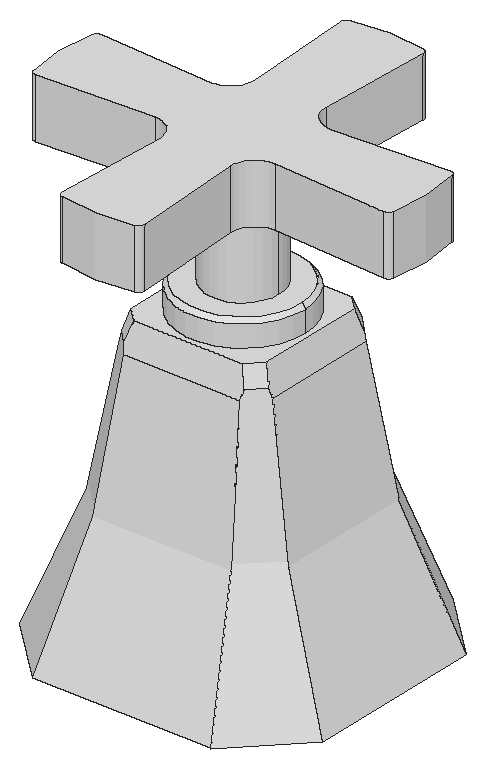
Revit family "Deca_Acabamento para registro de gaveta até ½''_Wish_4900.WSH.PQ", category Plumbing Fixtures, host Face, Revit 2020
Family settings
  Host = Face
  Round Connector Dimension = Use Diameter
  Part Type = Normal
  Cut with Voids When Loaded = No
  Shared = No
  Room Calculation Point = No
Parameters (values of type "4900.C.WSH.PQ_Cromado")
  Vazão na Pressão mín. (L/min) = ""
  Vazão na Pressão máx. (L/min) = ""
  URL = "www.deca.com.br"
  Tipo de rosca de saída = ""
  Tipo de rosca de entrada = "BSP NBR 8133"
  Tipo de mecanismo utilizado = "MVC -1/4 volta"
  Tipo de dispositivo economizador = "Não"
  Segmento = "Banheiro Luxo (D43)"
  Saída de Esgoto = ""
  Pressão mín. funcionamento = ""
  Pressão mín. Aquec. Passagem = ""
  Pressão mín. Aquec. Acúmulo = ""
  Pressão máx. funcionamento = ""
  Peso Líquido (Kg) = 0.227
  Norma = "Não Possui"
  Model = "4900.C.WSH.PQ"
  Material = Deca_Cromado
  Manufacturer = "DECA"
  Linha = "Deca Wish"
  Itens de Instalação = ""
  Informações Complementares = ""
  Default Elevation = 1.80 m
  Código Pai = "4900.WSH.PQ"
  Criado por = "quattroD"
  Cores Componente = ""
  Cor Secundária = "Branco"
  Cor Principal = "Cromado"
  Cor Interna = ""
  Consumo = "Não Possui"
  Composição Componente = ""
  Composição Básica = "Liga de Cobre (bronze e latão);Plásticos de Engenharia"
  Composição Assento = ""
  Composição Anel Vedação = ""
  Categoria = "Metais para banheiro"
  Atendimento ao Cliente = "0800-0117073"
  Aprovado por = "quattroD"
  Acompanha o Produto = ""
Types (2, lengths in m): name | Tipo de mecanismo utilizado | Tipo de dispositivo economizador | Model | Material | Cor Secundária | Cor Principal
  4900.C.WSH.PQ_Cromado | "MVC -1/4 volta" | "Não" | "4900.C.WSH.PQ" | Deca_Cromado | "Branco" | "Cromado"
  4900.GL.WSH.PQ.RD_Red Gold | "MVC - 1/2 volta" | "Sim" | "4900.GL.WSH.PQ.RD" | Deca_Red Gold | "" | "Red Gold"
Reference planes (m)
  plane 1 "Center (Front/Back)": y = 0
  plane 2: z = 0
  plane 3 "Center (Left/Right)": x = 0
  plane 4: y = 0.0255
  plane 5: y = -0.0255
  plane 6: x = -0.0255
  plane 7: x = 0.0255
  plane 8: z = 0.05
Forms (m)
  Blend 1, solid, material "Deca_Cromado" <- "Material"
    base sketch origin (0, 0, 0) x (1, 0, 0) y (0, 1, 0)
      loop
        line (-0.021713, 0.0255) -> (-0.0255, 0.021713) -> (-0.0255, -0.021713) -> (-0.021713, -0.0255) -> (0.021713, -0.0255) -> (0.0255, -0.021713) -> (0.0255, 0.021713) -> (0.021713, 0.0255) -> (-0.021713, 0.0255)
    top sketch origin (0, 0, 0) x (1, 0, 0) y (0, 1, 0)
      loop
        line (-0.0115, 0.009275) -> (-0.0115, -0.009275) -> (-0.009275, -0.0115) -> (0.009275, -0.0115) -> (0.0115, -0.009275) -> (0.0115, 0.009275) -> (0.009275, 0.0115) -> (-0.009275, 0.0115) -> (-0.0115, 0.009275)
    from 0 to 0.05
  Sweep 2, void
    path in 3D
      loop
        line (-0.0115, 0.009275, 0.05) -> (-0.009275, 0.0115, 0.05) -> (0.009275, 0.0115, 0.05) -> (0.0115, 0.009275, 0.05) -> (0.0115, -0.009275, 0.05) -> (0.009275, -0.0115, 0.05) -> (-0.009275, -0.0115, 0.05) -> (-0.0115, -0.009275, 0.05) -> (-0.0115, 0.009275, 0.05)
    profile origin (-0.0115, 0, 0.05) x (-1, 0, 0) y (0, 0, 1)
      loop
        line (0.014, -0.05) -> (0.020666, -0.05) -> (0.020666, -0.000938) -> (0.001054, -0.000938)
        arc (0.001054, -0.000938) -> (0.00511, -0.026107) -> (0.014, -0.05) r 0.13
  Extrusion 3, solid, material "Deca_Cromado" <- "Material"
    sketch origin (0, 0, 0) x (1, 0, 0) y (0, 1, 0)
      loop
        arc (0.006956, 0.02935) -> (0.006747, 0.030015) -> (0.006155, 0.030383) r 0.001
        arc (0.006155, 0.030383) -> (0, 0.031) -> (-0.006155, 0.030383) r 0.031
        arc (-0.006155, 0.030383) -> (-0.006747, 0.030015) -> (-0.006956, 0.02935) r 0.001
        line (-0.006956, 0.02935) -> (-0.005949, 0.010139)
        arc (-0.005949, 0.010139) -> (-0.007121, 0.007111) -> (-0.010153, 0.005949) r 0.004
        line (-0.010153, 0.005949) -> (-0.029381, 0.006957)
        arc (-0.029381, 0.006957) -> (-0.030027, 0.006738) -> (-0.030383, 0.006155) r 0.001
        arc (-0.030383, 0.006155) -> (-0.031, 0) -> (-0.030383, -0.006155) r 0.031
        arc (-0.030383, -0.006155) -> (-0.030015, -0.006747) -> (-0.02935, -0.006956) r 0.001
        line (-0.02935, -0.006956) -> (-0.010153, -0.005949)
        arc (-0.010153, -0.005949) -> (-0.007116, -0.007116) -> (-0.005949, -0.010153) r 0.004
        line (-0.005949, -0.010153) -> (-0.006956, -0.02935)
        arc (-0.006956, -0.02935) -> (-0.006747, -0.030015) -> (-0.006155, -0.030383) r 0.001
        arc (-0.006155, -0.030383) -> (0, -0.031) -> (0.006155, -0.030383) r 0.031
        arc (0.006155, -0.030383) -> (0.006745, -0.030018) -> (0.006956, -0.029357) r 0.001
        line (0.006956, -0.029357) -> (0.005949, -0.010153)
        arc (0.005949, -0.010153) -> (0.007094, -0.007137) -> (0.010092, -0.005947) r 0.004
        line (0.010092, -0.005947) -> (0.02935, -0.006956)
        arc (0.02935, -0.006956) -> (0.030015, -0.006747) -> (0.030383, -0.006155) r 0.001
        arc (0.030383, -0.006155) -> (0.031, 0) -> (0.030383, 0.006155) r 0.031
        arc (0.030383, 0.006155) -> (0.030015, 0.006747) -> (0.02935, 0.006956) r 0.001
        line (0.02935, 0.006956) -> (0.010153, 0.005949)
        arc (0.010153, 0.005949) -> (0.007116, 0.007116) -> (0.005949, 0.010153) r 0.004
        line (0.005949, 0.010153) -> (0.006956, 0.02935)
    from 0.068034 to 0.078034
  Sweep 4, solid, material "Deca_Cromado" <- "Material"
    path origin (0, 0, 0.068034) x (1, 0, 0) y (0, 1, 0)
      loop
        circle (0, 0) r 0.006341
    profile origin (0, 0.006341, 0.068034) x (0, -1, 0) y (0, 0, 1)
      loop
        line (0.000185, 0) -> (0.000185, -0.013701) -> (-0.003543, -0.013701) -> (-0.004264, -0.014422) -> (-0.004264, -0.018034) -> (0.003922, -0.018034) -> (0.003922, 0) -> (0.000185, 0)
Cuts and joins
  Sweep 2 cuts Blend 1
Lines and regions (m)
  Masking region 1
    outline origin (-0.055351, -0.078225, 0) x (1, 0, 0) y (0, 1, 0)
      loop
        line (0.029851, 0.084979) -> (0.026, 0.08518)
        arc (0.026, 0.08518) -> (0.025335, 0.084972) -> (0.024968, 0.08438) r 0.001
        arc (0.024968, 0.08438) -> (0.024351, 0.078225) -> (0.024968, 0.072069) r 0.031
        arc (0.024968, 0.072069) -> (0.025335, 0.071478) -> (0.026, 0.071269) r 0.001
        line (0.026, 0.071269) -> (0.029851, 0.071471) -> (0.029851, 0.056979)
        spline (0.029851, 0.056979) -> (0.029853, 0.056905) -> (0.02986, 0.056831) -> (0.029871, 0.056759) -> (0.029886, 0.056689) -> (0.029905, 0.05662) -> (0.029929, 0.056554) -> (0.029957, 0.056489) -> (0.029989, 0.056427) -> (0.030025, 0.056368) -> (0.030064, 0.056311) -> (0.030108, 0.056258) -> (0.030155, 0.056208)
        line (0.030155, 0.056208) -> (0.033332, 0.05303)
        spline (0.033332, 0.05303) -> (0.033383, 0.052983) -> (0.033436, 0.052939) -> (0.033493, 0.0529) -> (0.033552, 0.052864) -> (0.033614, 0.052832) -> (0.033679, 0.052804) -> (0.033746, 0.05278) -> (0.033815, 0.05276) -> (0.033885, 0.052745) -> (0.033958, 0.052734) -> (0.034031, 0.052727) -> (0.034106, 0.052725)
        line (0.034106, 0.052725) -> (0.048597, 0.052725) -> (0.048395, 0.048875)
        arc (0.048395, 0.048875) -> (0.048603, 0.04821) -> (0.049195, 0.047842) r 0.001
        arc (0.049195, 0.047842) -> (0.055351, 0.047225) -> (0.061506, 0.047842) r 0.031
        arc (0.061506, 0.047842) -> (0.062098, 0.04821) -> (0.062306, 0.048875) r 0.001
        line (0.062306, 0.048875) -> (0.062104, 0.052725) -> (0.076596, 0.052725)
        spline (0.076596, 0.052725) -> (0.07667, 0.052727) -> (0.076743, 0.052734) -> (0.076816, 0.052745) -> (0.076886, 0.05276) -> (0.076955, 0.052779) -> (0.077022, 0.052803) -> (0.077086, 0.052831) -> (0.077148, 0.052863) -> (0.077208, 0.052899) -> (0.077264, 0.052939) -> (0.077318, 0.052982) -> (0.077368, 0.053029)
        line (0.077368, 0.053029) -> (0.080547, 0.056208)
        spline (0.080547, 0.056208) -> (0.080594, 0.056258) -> (0.080637, 0.056311) -> (0.080677, 0.056368) -> (0.080712, 0.056427) -> (0.080744, 0.05649) -> (0.080772, 0.056554) -> (0.080796, 0.056621) -> (0.080816, 0.056689) -> (0.080831, 0.05676) -> (0.080842, 0.056832) -> (0.080848, 0.056906) -> (0.080851, 0.05698)
        line (0.080851, 0.05698) -> (0.080851, 0.071471) -> (0.084701, 0.071269)
        arc (0.084701, 0.071269) -> (0.085366, 0.071478) -> (0.085733, 0.072069) r 0.001
        arc (0.085733, 0.072069) -> (0.086351, 0.078225) -> (0.085733, 0.08438) r 0.031
        arc (0.085733, 0.08438) -> (0.085366, 0.084972) -> (0.084701, 0.08518) r 0.001
        line (0.084701, 0.08518) -> (0.080851, 0.084979) -> (0.080851, 0.09947)
        spline (0.080851, 0.09947) -> (0.080848, 0.099544) -> (0.080842, 0.099618) -> (0.080831, 0.09969) -> (0.080816, 0.09976) -> (0.080796, 0.099829) -> (0.080772, 0.099896) -> (0.080744, 0.09996) -> (0.080712, 0.100022) -> (0.080677, 0.100082) -> (0.080637, 0.100138) -> (0.080594, 0.100192) -> (0.080547, 0.100242)
        line (0.080547, 0.100242) -> (0.077368, 0.103421)
        spline (0.077368, 0.103421) -> (0.077318, 0.103468) -> (0.077264, 0.103511) -> (0.077208, 0.103551) -> (0.077148, 0.103587) -> (0.077086, 0.103619) -> (0.077022, 0.103647) -> (0.076955, 0.10367) -> (0.076886, 0.10369) -> (0.076816, 0.103705) -> (0.076743, 0.103716) -> (0.07667, 0.103723) -> (0.076596, 0.103725)
        line (0.076596, 0.103725) -> (0.062104, 0.103725) -> (0.062306, 0.107575)
        arc (0.062306, 0.107575) -> (0.062098, 0.10824) -> (0.061506, 0.108608) r 0.001
        arc (0.061506, 0.108608) -> (0.055351, 0.109225) -> (0.049195, 0.108608) r 0.031
        arc (0.049195, 0.108608) -> (0.048603, 0.10824) -> (0.048395, 0.107575) r 0.001
        line (0.048395, 0.107575) -> (0.048597, 0.103725) -> (0.034106, 0.103725)
        spline (0.034106, 0.103725) -> (0.034031, 0.103723) -> (0.033958, 0.103716) -> (0.033885, 0.103705) -> (0.033815, 0.10369) -> (0.033746, 0.10367) -> (0.033679, 0.103646) -> (0.033614, 0.103618) -> (0.033552, 0.103586) -> (0.033493, 0.10355) -> (0.033436, 0.10351) -> (0.033383, 0.103467) -> (0.033332, 0.10342)
        line (0.033332, 0.10342) -> (0.030155, 0.100242)
        spline (0.030155, 0.100242) -> (0.030108, 0.100192) -> (0.030064, 0.100138) -> (0.030025, 0.100082) -> (0.029989, 0.100023) -> (0.029957, 0.099961) -> (0.029929, 0.099896) -> (0.029905, 0.09983) -> (0.029886, 0.099761) -> (0.029871, 0.09969) -> (0.02986, 0.099618) -> (0.029853, 0.099545) -> (0.029851, 0.099471)
        line (0.029851, 0.099471) -> (0.029851, 0.084979)
  Masking region 2
    outline origin (-0.00048, 0, 0) x (1, 0, 0) y (0, 0, 1)
      loop
        arc (0.013035, 0.049062) -> (0.012722, 0.049729) -> (0.012037, 0.05) r 0.001
        line (0.012037, 0.05) -> (0.01098, 0.05) -> (0.01098, 0.053946) -> (0.010426, 0.0545) -> (0.00673, 0.0545) -> (0.00673, 0.067337)
        arc (0.00673, 0.067337) -> (0.006973, 0.067991) -> (0.007585, 0.068327) r 0.001
        arc (0.007585, 0.068327) -> (0.008944, 0.068323) -> (0.010304, 0.068315) r 0.358092
        arc (0.010304, 0.068315) -> (0.019758, 0.068221) -> (0.029211, 0.068068) r 1.495883
        arc (0.029211, 0.068068) -> (0.029846, 0.068058) -> (0.030481, 0.068055) r 0.057391
        arc (0.030481, 0.068055) -> (0.031188, 0.068348) -> (0.03148, 0.069055) r 0.001
        line (0.03148, 0.069055) -> (0.03148, 0.077034)
        arc (0.03148, 0.077034) -> (0.031188, 0.077741) -> (0.030481, 0.078034) r 0.001
        line (0.030481, 0.078034) -> (0.029261, 0.078022)
        spline (0.029261, 0.078022) -> (0.027681, 0.077993) -> (0.026102, 0.077964) -> (0.024522, 0.077938) -> (0.022942, 0.077913) -> (0.021362, 0.07789) -> (0.019782, 0.077869) -> (0.018203, 0.077849) -> (0.016623, 0.077831) -> (0.015043, 0.077814) -> (0.013463, 0.077799) -> (0.011883, 0.077786) -> (0.010303, 0.077775)
        arc (0.010303, 0.077775) -> (0.008764, 0.077767) -> (0.007225, 0.077762) r 0.604489
        line (0.007225, 0.077762) -> (0.006437, 0.078034) -> (-0.005477, 0.078034) -> (-0.006265, 0.077762)
        arc (-0.006265, 0.077762) -> (-0.007804, 0.077767) -> (-0.009343, 0.077775) r 0.604489
        spline (-0.009343, 0.077775) -> (-0.010923, 0.077786) -> (-0.012502, 0.077799) -> (-0.014082, 0.077814) -> (-0.015662, 0.077831) -> (-0.017242, 0.077849) -> (-0.018822, 0.077869) -> (-0.020402, 0.07789) -> (-0.021982, 0.077913) -> (-0.023561, 0.077938) -> (-0.025141, 0.077964) -> (-0.026721, 0.077993) -> (-0.028301, 0.078022)
        line (-0.028301, 0.078022) -> (-0.029521, 0.078034)
        arc (-0.029521, 0.078034) -> (-0.030227, 0.077741) -> (-0.03052, 0.077034) r 0.001
        line (-0.03052, 0.077034) -> (-0.03052, 0.069055)
        arc (-0.03052, 0.069055) -> (-0.030227, 0.068348) -> (-0.029521, 0.068055) r 0.001
        arc (-0.029521, 0.068055) -> (-0.028886, 0.068058) -> (-0.028251, 0.068068) r 0.057391
        arc (-0.028251, 0.068068) -> (-0.018797, 0.068221) -> (-0.009343, 0.068315) r 1.495883
        arc (-0.009343, 0.068315) -> (-0.007984, 0.068323) -> (-0.006624, 0.068327) r 0.358092
        arc (-0.006624, 0.068327) -> (-0.006013, 0.067991) -> (-0.00577, 0.067337) r 0.001
        line (-0.00577, 0.067337) -> (-0.00577, 0.0545) -> (-0.009446, 0.0545) -> (-0.01002, 0.053926) -> (-0.01002, 0.05) -> (-0.011076, 0.05)
        arc (-0.011076, 0.05) -> (-0.011761, 0.049729) -> (-0.012074, 0.049062) r 0.001
        arc (-0.012074, 0.049062) -> (-0.01613, 0.023893) -> (-0.02502, 0) r 0.13
        line (-0.02502, 0) -> (0.02598, 0)
        arc (0.02598, 0) -> (0.017091, 0.023893) -> (0.013035, 0.049062) r 0.13
  Masking region 3
    outline origin (0, -0.094, -0.0419) x (0, 1, 0) y (0, 0, 1)
      loop
        arc (0.106555, 0.090961) -> (0.106242, 0.091628) -> (0.105557, 0.0919) r 0.001
        line (0.105557, 0.0919) -> (0.1045, 0.0919) -> (0.1045, 0.095824) -> (0.103924, 0.0964) -> (0.10025, 0.0964) -> (0.10025, 0.109237)
        arc (0.10025, 0.109237) -> (0.100542, 0.109938) -> (0.101244, 0.110226) r 0.000989
        line (0.101244, 0.110226) -> (0.103018, 0.11022)
        arc (0.103018, 0.11022) -> (0.113499, 0.110118) -> (0.12398, 0.109955) r 1.495883
        arc (0.12398, 0.109955) -> (0.1247, 0.110241) -> (0.125, 0.110955) r 0.001
        line (0.125, 0.110955) -> (0.125, 0.118946)
        arc (0.125, 0.118946) -> (0.1247, 0.11966) -> (0.12398, 0.119946) r 0.001
        spline (0.12398, 0.119946) -> (0.122042, 0.119908) -> (0.120103, 0.119873) -> (0.118165, 0.11984) -> (0.116227, 0.11981) -> (0.114288, 0.119782) -> (0.11235, 0.119756) -> (0.110411, 0.119734) -> (0.108473, 0.119713) -> (0.106534, 0.119695) -> (0.104596, 0.11968) -> (0.102657, 0.119667) -> (0.100719, 0.119657)
        line (0.100719, 0.119657) -> (0.099957, 0.119934) -> (0.088043, 0.119934) -> (0.087282, 0.119657)
        spline (0.087282, 0.119657) -> (0.085343, 0.119667) -> (0.083405, 0.11968) -> (0.081466, 0.119695) -> (0.079527, 0.119713) -> (0.077589, 0.119734) -> (0.075651, 0.119756) -> (0.073712, 0.119782) -> (0.071774, 0.11981) -> (0.069835, 0.11984) -> (0.067897, 0.119873) -> (0.065959, 0.119908) -> (0.064021, 0.119946)
        arc (0.064021, 0.119946) -> (0.063301, 0.11966) -> (0.063, 0.118946) r 0.001
        line (0.063, 0.118946) -> (0.063, 0.110955)
        arc (0.063, 0.110955) -> (0.063301, 0.110241) -> (0.064021, 0.109955) r 0.001
        spline (0.064021, 0.109955) -> (0.065915, 0.109992) -> (0.067809, 0.110027) -> (0.069704, 0.110059) -> (0.071598, 0.110089) -> (0.073493, 0.110117) -> (0.075387, 0.110142) -> (0.077282, 0.110164) -> (0.079176, 0.110185) -> (0.081071, 0.110202) -> (0.082966, 0.110218) -> (0.08486, 0.110231) -> (0.086755, 0.110228)
        arc (0.086755, 0.110228) -> (0.087458, 0.109939) -> (0.08775, 0.109237) r 0.00099
        line (0.08775, 0.109237) -> (0.08775, 0.0964) -> (0.084062, 0.0964) -> (0.0835, 0.095838) -> (0.0835, 0.0919) -> (0.082444, 0.0919)
        arc (0.082444, 0.0919) -> (0.081759, 0.091628) -> (0.081446, 0.090961) r 0.001
        arc (0.081446, 0.090961) -> (0.07739, 0.065793) -> (0.0685, 0.0419) r 0.13
        line (0.0685, 0.0419) -> (0.1195, 0.0419)
        arc (0.1195, 0.0419) -> (0.110611, 0.065793) -> (0.106555, 0.090961) r 0.13
  symbolic lines
    curve 1: arc (0.005949, 0.010153, 0) -> (0.007116, 0.007116, 0) -> (0.010153, 0.005949, 0) r 0.004
    curve 2: line (0.010153, 0.005949, 0) -> (0.02935, 0.006956, 0)
    curve 3: arc (0.02935, 0.006956, 0) -> (0.030015, 0.006747, 0) -> (0.030383, 0.006155, 0) r 0.001
    curve 4: arc (0.030383, 0.006155, 0) -> (0.031, 0, 0) -> (0.030383, -0.006155, 0) r 0.031
    curve 5: arc (0.030383, -0.006155, 0) -> (0.030015, -0.006747, 0) -> (0.02935, -0.006956, 0) r 0.001
    curve 6: line (0.02935, -0.006956, 0) -> (0.010153, -0.005949, 0)
    curve 7: arc (0.010153, -0.005949, 0) -> (0.007116, -0.007116, 0) -> (0.005949, -0.010153, 0) r 0.004
    curve 8: line (0.005949, -0.010153, 0) -> (0.006956, -0.02935, 0)
    curve 9: arc (0.006956, -0.02935, 0) -> (0.006747, -0.030015, 0) -> (0.006155, -0.030383, 0) r 0.001
    curve 10: arc (0.006155, -0.030383, 0) -> (0, -0.031, 0) -> (-0.006155, -0.030383, 0) r 0.031
    curve 11: arc (-0.006155, -0.030383, 0) -> (-0.006747, -0.030015, 0) -> (-0.006956, -0.02935, 0) r 0.001
    curve 12: line (-0.006956, -0.02935, 0) -> (-0.005949, -0.010153, 0)
    curve 13: arc (-0.005949, -0.010153, 0) -> (-0.007116, -0.007116, 0) -> (-0.010153, -0.005949, 0) r 0.004
    curve 14: line (-0.010153, -0.005949, 0) -> (-0.02935, -0.006956, 0)
    curve 15: arc (-0.02935, -0.006956, 0) -> (-0.030015, -0.006747, 0) -> (-0.030383, -0.006155, 0) r 0.001
    curve 16: arc (-0.030383, -0.006155, 0) -> (-0.031, 0, 0) -> (-0.030383, 0.006155, 0) r 0.031
    curve 17: arc (-0.030383, 0.006155, 0) -> (-0.030015, 0.006747, 0) -> (-0.02935, 0.006956, 0) r 0.001
    curve 18: line (-0.02935, 0.006956, 0) -> (-0.010153, 0.005949, 0)
    curve 19: arc (-0.010153, 0.005949, 0) -> (-0.007116, 0.007116, 0) -> (-0.005949, 0.010153, 0) r 0.004
    curve 20: line (-0.005949, 0.010153, 0) -> (-0.006956, 0.02935, 0)
    curve 21: arc (-0.006956, 0.02935, 0) -> (-0.006747, 0.030015, 0) -> (-0.006155, 0.030383, 0) r 0.001
    curve 22: arc (-0.006155, 0.030383, 0) -> (0, 0.031, 0) -> (0.006155, 0.030383, 0) r 0.031
    curve 23: arc (0.006155, 0.030383, 0) -> (0.006747, 0.030015, 0) -> (0.006956, 0.02935, 0) r 0.001
    curve 24: line (0.006956, 0.02935, 0) -> (0.005949, 0.010153, 0)
    curve 25: line (0.006754, 0.0255, 0) -> (0.021245, 0.0255, 0)
    curve 26: spline (0.021245, 0.0255, 0) -> (0.021319, 0.025498, 0) -> (0.021393, 0.025491, 0) -> (0.021465, 0.02548, 0) -> (0.021535, 0.025465, 0) -> (0.021604, 0.025445, 0) -> (0.021671, 0.025422, 0) -> (0.021735, 0.025394, 0) -> (0.021797, 0.025362, 0) -> (0.021857, 0.025326, 0) -> (0.021913, 0.025286, 0) -> (0.021967, 0.025243, 0) -> (0.022017, 0.025196, 0)
    curve 27: line (0.022017, 0.025196, 0) -> (0.025196, 0.022017, 0)
    curve 28: spline (0.025196, 0.022017, 0) -> (0.025243, 0.021967, 0) -> (0.025286, 0.021913, 0) -> (0.025326, 0.021857, 0) -> (0.025362, 0.021797, 0) -> (0.025394, 0.021735, 0) -> (0.025422, 0.021671, 0) -> (0.025445, 0.021604, 0) -> (0.025465, 0.021535, 0) -> (0.02548, 0.021465, 0) -> (0.025491, 0.021393, 0) -> (0.025498, 0.021319, 0) -> (0.0255, 0.021245, 0)
    curve 29: line (0.0255, 0.021245, 0) -> (0.0255, 0.006754, 0)
    curve 30: line (0.006754, -0.0255, 0) -> (0.021245, -0.0255, 0)
    curve 31: spline (0.021245, -0.0255, 0) -> (0.021319, -0.025498, 0) -> (0.021393, -0.025491, 0) -> (0.021465, -0.02548, 0) -> (0.021535, -0.025465, 0) -> (0.021604, -0.025445, 0) -> (0.021671, -0.025422, 0) -> (0.021735, -0.025394, 0) -> (0.021797, -0.025362, 0) -> (0.021857, -0.025326, 0) -> (0.021913, -0.025286, 0) -> (0.021967, -0.025243, 0) -> (0.022017, -0.025196, 0)
    curve 32: line (0.022017, -0.025196, 0) -> (0.025196, -0.022017, 0)
    curve 33: spline (0.025196, -0.022017, 0) -> (0.025243, -0.021967, 0) -> (0.025286, -0.021913, 0) -> (0.025326, -0.021857, 0) -> (0.025362, -0.021797, 0) -> (0.025394, -0.021735, 0) -> (0.025422, -0.021671, 0) -> (0.025445, -0.021604, 0) -> (0.025465, -0.021535, 0) -> (0.02548, -0.021465, 0) -> (0.025491, -0.021393, 0) -> (0.025498, -0.021319, 0) -> (0.0255, -0.021245, 0)
    curve 34: line (0.0255, -0.021245, 0) -> (0.0255, -0.006754, 0)
    curve 35: line (-0.006754, 0.0255, 0) -> (-0.021245, 0.0255, 0)
    curve 36: line (-0.022017, 0.025196, 0) -> (-0.025196, 0.022017, 0)
    curve 37: line (-0.0255, 0.021245, 0) -> (-0.0255, 0.006754, 0)
    curve 38: line (-0.006754, -0.0255, 0) -> (-0.021245, -0.0255, 0)
    curve 39: line (-0.022017, -0.025196, 0) -> (-0.025196, -0.022017, 0)
    curve 40: line (-0.0255, -0.021245, 0) -> (-0.0255, -0.006754, 0)
    curve 41: arc (-0.0255, 0, 0) -> (-0.01661, 0, 0.023893) -> (-0.012554, 0, 0.049062) r 0.13
    curve 42: arc (-0.012554, 0, 0.049062) -> (-0.012241, 0, 0.049729) -> (-0.011556, 0, 0.05) r 0.001
    curve 43: line (-0.011556, 0, 0.05) -> (-0.008279, 0, 0.05)
    curve 44: line (-0.008279, 0, 0.05) -> (0.00842, 0, 0.05)
    curve 45: line (0.00842, 0, 0.05) -> (0.011556, 0, 0.05)
    curve 46: arc (0.011556, 0, 0.05) -> (0.012241, 0, 0.049729) -> (0.012554, 0, 0.049062) r 0.001
    curve 47: arc (0.012554, 0, 0.049062) -> (0.01661, 0, 0.023893) -> (0.0255, 0, 0) r 0.13
    curve 48: line (-0.009926, 0, 0.0545) -> (0.009975, 0, 0.0545)
    curve 49: line (-0.0105, 0, 0.05) -> (-0.0105, 0, 0.053926)
    curve 50: arc (0.005957, 0, 0.078034) -> (0.006664, 0, 0.077742) -> (0.006957, 0, 0.077034) r 0.001
    curve 51: line (0.006957, 0, 0.077034) -> (0.006957, 0, 0.069055)
    curve 52: arc (0.006957, 0, 0.069055) -> (0.006664, 0, 0.068348) -> (0.005957, 0, 0.068055) r 0.001
    curve 53: line (0.005957, 0, 0.068055) -> (-0.005957, 0, 0.068055)
    curve 54: arc (-0.005957, 0, 0.068055) -> (-0.006664, 0, 0.068348) -> (-0.006957, 0, 0.069055) r 0.001
    curve 55: line (-0.006957, 0, 0.069055) -> (-0.006957, 0, 0.077034)
    curve 56: arc (-0.006957, 0, 0.077034) -> (-0.006664, 0, 0.077742) -> (-0.005957, 0, 0.078034) r 0.001
    curve 57: line (0.00625, 0, 0.067337) -> (0.00625, 0, 0.0545)
    curve 58: arc (0.007104, 0, 0.068327) -> (0.006493, 0, 0.067991) -> (0.00625, 0, 0.067337) r 0.001
    curve 59: line (-0.00625, 0, 0.067337) -> (-0.00625, 0, 0.0545)
    curve 60: arc (-0.00625, 0, 0.067337) -> (-0.006493, 0, 0.067991) -> (-0.007105, 0, 0.068327) r 0.001
    curve 61: arc (-0.006643, 0, 0.068328) -> (-0.0079, 0, 0.068325) -> (-0.009157, 0, 0.068319) r 0.544359
    curve 62: arc (0.009823, 0, 0.068315) -> (0.008233, 0, 0.068323) -> (0.006643, 0, 0.068328) r 0.604579
    curve 63: arc (0.028731, 0, 0.068068) -> (0.019278, 0, 0.068221) -> (0.009823, 0, 0.068315) r 1.495883
    curve 64: arc (0.030001, 0, 0.068055) -> (0.030707, 0, 0.068348) -> (0.031, 0, 0.069055) r 0.001
    curve 65: line (0.031, 0, 0.069055) -> (0.031, 0, 0.077034)
    curve 66: arc (0.031, 0, 0.077034) -> (0.030707, 0, 0.077741) -> (0.030001, 0, 0.078034) r 0.001
    curve 67: spline (0.028781, 0, 0.078022) -> (0.027201, 0, 0.077993) -> (0.025621, 0, 0.077964) -> (0.024042, 0, 0.077938) -> (0.022462, 0, 0.077913) -> (0.020882, 0, 0.07789) -> (0.019302, 0, 0.077869) -> (0.017722, 0, 0.077849) -> (0.016143, 0, 0.077831) -> (0.014563, 0, 0.077814) -> (0.012983, 0, 0.077799) -> (0.011403, 0, 0.077786) -> (0.009823, 0, 0.077775)
    curve 68: arc (0.006643, 0, 0.077762) -> (0.007841, 0, 0.077765) -> (0.009038, 0, 0.07777) r 0.538483
    curve 69: arc (0.006643, 0, 0.077762) -> (0.008233, 0, 0.077766) -> (0.009823, 0, 0.077775) r 0.604489
    curve 70: line (0.030001, 0, 0.078034) -> (0.028781, 0, 0.078022)
    curve 71: line (0.030001, 0, 0.068055) -> (0.028731, 0, 0.068068)
    curve 72: line (-0.005957, 0, 0.078034) -> (0.005957, 0, 0.078034)
    curve 73: arc (-0.009823, 0, 0.068315) -> (-0.008233, 0, 0.068323) -> (-0.006643, 0, 0.068328) r 0.604579
    curve 74: arc (-0.028731, 0, 0.068068) -> (-0.019278, 0, 0.068221) -> (-0.009823, 0, 0.068315) r 1.495883
    curve 75: arc (-0.030001, 0, 0.068055) -> (-0.030707, 0, 0.068348) -> (-0.031, 0, 0.069055) r 0.001
    curve 76: line (-0.031, 0, 0.069055) -> (-0.031, 0, 0.077034)
    curve 77: arc (-0.031, 0, 0.077034) -> (-0.030707, 0, 0.077741) -> (-0.030001, 0, 0.078034) r 0.001
    curve 78: spline (-0.028781, 0, 0.078022) -> (-0.027201, 0, 0.077993) -> (-0.025621, 0, 0.077964) -> (-0.024042, 0, 0.077938) -> (-0.022462, 0, 0.077913) -> (-0.020882, 0, 0.07789) -> (-0.019302, 0, 0.077869) -> (-0.017722, 0, 0.077849) -> (-0.016143, 0, 0.077831) -> (-0.014563, 0, 0.077814) -> (-0.012983, 0, 0.077799) -> (-0.011403, 0, 0.077786) -> (-0.009823, 0, 0.077775)
    curve 79: arc (-0.006643, 0, 0.077762) -> (-0.008233, 0, 0.077766) -> (-0.009823, 0, 0.077775) r 0.604489
    curve 80: line (-0.030001, 0, 0.078034) -> (-0.028781, 0, 0.078022)
    curve 81: line (-0.030001, 0, 0.068055) -> (-0.028731, 0, 0.068068)
    curve 82: line (-0.0105, 0, 0.053926) -> (-0.009926, 0, 0.0545)
    curve 83: line (0.0105, 0, 0.053975) -> (0.009975, 0, 0.0545)
    curve 84: line (0.0105, 0, 0.05) -> (0.0105, 0, 0.053975)
    curve 85: line (-0.0255, 0, 0) -> (0.0255, 0, 0)
    curve 94: arc (0, -0.0255, 0) -> (0, -0.01661, 0.023893) -> (0, -0.012554, 0.049062) r 0.13
    curve 95: arc (0, -0.012554, 0.049062) -> (0, -0.012241, 0.049729) -> (0, -0.011556, 0.05) r 0.001
    curve 96: line (0, -0.011556, 0.05) -> (0, -0.00842, 0.05)
    curve 97: line (0, -0.00842, 0.05) -> (0, 0.008279, 0.05)
    curve 98: line (0, 0.008279, 0.05) -> (0, 0.011556, 0.05)
    curve 99: arc (0, 0.011556, 0.05) -> (0, 0.012241, 0.049729) -> (0, 0.012554, 0.049062) r 0.001
    curve 100: arc (0, 0.012554, 0.049062) -> (0, 0.01661, 0.023893) -> (0, 0.0255, 0) r 0.13
    curve 101: line (0, -0.0105, 0.053982) -> (0, -0.0105, 0.05)
    curve 102: line (0, -0.0105, 0.05) -> (0, 0.009215, 0.05)
    curve 103: line (0, 0.009215, 0.05) -> (0, 0.0105, 0.05)
    curve 104: line (0, 0.0105, 0.05) -> (0, 0.0105, 0.053924)
    curve 105: line (0, 0.009924, 0.0545) -> (0, -0.009982, 0.0545)
    curve 106: line (0, -0.00625, 0.067337) -> (0, -0.00625, 0.0545)
    curve 107: line (0, 0.00625, 0.067337) -> (0, 0.00625, 0.0545)
    curve 108: arc (0, -0.005957, 0.078034) -> (0, -0.006664, 0.077742) -> (0, -0.006957, 0.077034) r 0.001
    curve 109: line (0, -0.006957, 0.077034) -> (0, -0.006957, 0.069055)
    curve 110: arc (0, -0.006957, 0.069055) -> (0, -0.006664, 0.068348) -> (0, -0.005957, 0.068055) r 0.001
    curve 111: line (0, -0.005957, 0.068055) -> (0, 0.005957, 0.068055)
    curve 112: arc (0, 0.005957, 0.068055) -> (0, 0.006664, 0.068348) -> (0, 0.006957, 0.069055) r 0.001
    curve 113: line (0, 0.006957, 0.069055) -> (0, 0.006957, 0.077034)
    curve 114: arc (0, 0.006957, 0.077034) -> (0, 0.006664, 0.077742) -> (0, 0.005957, 0.078034) r 0.001
    curve 115: arc (0, 0.02998, 0.068043) -> (0, 0.02009, 0.06821) -> (0, 0.010199, 0.068312) r 1.495883
    curve 116: line (0, 0.010199, 0.068312) -> (0, 0.009157, 0.068319)
    curve 117: arc (0, 0.009157, 0.068319) -> (0, 0.0079, 0.068325) -> (0, 0.006643, 0.068328) r 0.544359
    curve 118: arc (0, 0.031, 0.077046) -> (0, 0.0307, 0.077761) -> (0, 0.02998, 0.078046) r 0.001
    curve 119: spline (0, 0.006648, 0.077757) -> (0, 0.008593, 0.077767) -> (0, 0.010537, 0.07778) -> (0, 0.012482, 0.077795) -> (0, 0.014426, 0.077813) -> (0, 0.01637, 0.077833) -> (0, 0.018315, 0.077856) -> (0, 0.020259, 0.077881) -> (0, 0.022203, 0.077909) -> (0, 0.024147, 0.07794) -> (0, 0.026091, 0.077973) -> (0, 0.028035, 0.078008) -> (0, 0.02998, 0.078046)
    curve 120: line (0, 0.031, 0.077046) -> (0, 0.031, 0.069055)
    curve 121: arc (0, 0.02998, 0.068055) -> (0, 0.0307, 0.068341) -> (0, 0.031, 0.069055) r 0.001
    curve 122: arc (0, -0.031, 0.077046) -> (0, -0.0307, 0.077761) -> (0, -0.02998, 0.078046) r 0.001
    curve 123: spline (0, -0.006648, 0.077757) -> (0, -0.008593, 0.077767) -> (0, -0.010537, 0.07778) -> (0, -0.012482, 0.077795) -> (0, -0.014426, 0.077813) -> (0, -0.01637, 0.077833) -> (0, -0.018315, 0.077856) -> (0, -0.020259, 0.077881) -> (0, -0.022203, 0.077909) -> (0, -0.024147, 0.07794) -> (0, -0.026091, 0.077973) -> (0, -0.028035, 0.078008) -> (0, -0.02998, 0.078046)
    curve 124: line (0, -0.031, 0.077046) -> (0, -0.031, 0.069055)
    curve 125: arc (0, -0.02998, 0.068055) -> (0, -0.0307, 0.068341) -> (0, -0.031, 0.069055) r 0.001
    curve 126: spline (0, -0.00666, 0.068345) -> (0, -0.008604, 0.068334) -> (0, -0.010547, 0.068322) -> (0, -0.012491, 0.068306) -> (0, -0.014434, 0.068289) -> (0, -0.016377, 0.068268) -> (0, -0.018321, 0.068245) -> (0, -0.020264, 0.06822) -> (0, -0.022207, 0.068192) -> (0, -0.02415, 0.068162) -> (0, -0.026093, 0.068129) -> (0, -0.028037, 0.068093) -> (0, -0.02998, 0.068055)
    curve 127: arc (0, -0.00625, 0.067337) -> (0, -0.006542, 0.06804) -> (0, -0.007245, 0.068328) r 0.00099
    curve 128: arc (0, 0.00625, 0.067337) -> (0, 0.006541, 0.068038) -> (0, 0.007241, 0.068327) r 0.000989
    curve 129: line (0, -0.005957, 0.078034) -> (0, 0.005957, 0.078034)
    curve 130: line (0, 0.0105, 0.053924) -> (0, 0.009924, 0.0545)
    curve 131: line (0, -0.0105, 0.053982) -> (0, -0.009982, 0.0545)
    curve 132: line (0, -0.0255, 0) -> (0, 0.0255, 0)
  sketch lines
    curve 86: line (-0.0115, -0.009275, 0.05) -> (-0.0115, 0.009275, 0.05)
    curve 87: line (-0.009275, -0.0115, 0.05) -> (-0.0115, -0.009275, 0.05)
    curve 88: line (0.009275, -0.0115, 0.05) -> (-0.009275, -0.0115, 0.05)
    curve 89: line (-0.0115, 0.009275, 0.05) -> (-0.009275, 0.0115, 0.05)
    curve 90: line (-0.009275, 0.0115, 0.05) -> (0.009275, 0.0115, 0.05)
    curve 91: line (0.009275, 0.0115, 0.05) -> (0.0115, 0.009275, 0.05)
    curve 92: line (0.0115, 0.009275, 0.05) -> (0.0115, -0.009275, 0.05)
    curve 93: line (0.0115, -0.009275, 0.05) -> (0.009275, -0.0115, 0.05)
Dimensions and locks (m)
  aligned and locked: plane 2 to host face
  aligned and locked: level to host face
